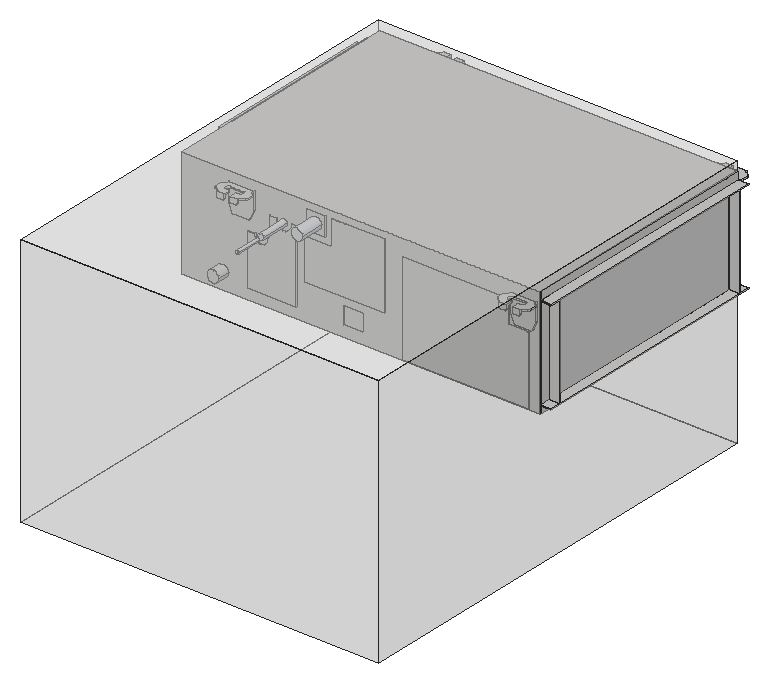
Revit family "outputfile", category 機械設備, Revit 2024
Family settings
  丸型コネクタ寸法 = 半径を使用
  パーツ タイプ = 標準
  OmniClass 番号 = 23.75.10.24.21.27.27
  OmniClass タイトル = Split System Air Conditioning Units
  作業面ベース = いいえ
  常に垂直 = はい
  ロード時にボイドで切り取り = いいえ
  注釈の向きを維持 = いいえ
  共有 = いいえ
  部屋計算ポイント = はい
Parameters (values of type "FXSQ32PAV4")
  Description = ""
  製造元 = "Daikin"
  書き出し IFC クラス(タイプ) = "IfcUnitaryEquipmentType"
  定義済み IFC タイプ(タイプ) = "AIRCONDITIONINGUNIT"
  Cost = 0
  モデル = "FXSQ32PAV4"
  Type Comments = ""
  Keynote = ""
  Type Image = (empty or 0)
  Assembly Code = ""
  r_Liquid Pipe Size = Liquid Pipe Size / 2  # 3.2 mm
  r_Gas Pipe Size = Gas Pipe Size / 2  # 6.35 mm
  r_Drain Pipe Size = Drain Pipe Size / 2  # 12.5 mm
  lw_power = 770.0 mm  # constant formula
  lh_SA = 138.0 mm  # constant formula
  lw_SA = if(Depth = 550.0 mm, 225.0 mm, if(Depth = 700.0 mm, 300.0 mm, if(Depth = 1000.0 mm, 450.0 mm, if(Depth = 1400.0 mm, 650.0 mm, 725.0 mm))))  # 225.0 mm
  lw_RA = if(Depth = 550.0 mm, 275.0 mm, if(Depth = 700.0 mm, 349.0 mm, if(Depth = 1000.0 mm, 499.0 mm, if(Depth = 1400.0 mm, 699.0 mm, 775.0 mm))))  # 275.0 mm
  lh_power = 60.0 mm + [h***]  # 60.0 mm
  lh_mountinghole1 = lh_mountinghole + [h***]  # 222.0 mm
  lh_RA = 123.0 mm  # constant formula
  ld_power = Depth / 2  # 275.0 mm
  Voltage_comment_60Hz = "220"
  Voltage_comment_50Hz = "220-240"
  Voltage_60Hz = 220 V
  Voltage_50Hz = 220 V
  URL = ""
  Supply Air Direction [instance] = yes
  Sound Power Level_H speed (dB) = 62
  Phase_60Hz = 1
  Phase_50Hz = 1
  Minimum External Static Pressure = 30.00 Pa
  Minimum Circuit Amps_60Hz = 0.8 A
  Minimum Circuit Amps_50Hz = 0.8 A
  Maximum Fuse Amps_60Hz = 16.0 A
  Maximum Fuse Amps_50Hz = 16.0 A
  Maximum External Static Pressure = 150.00 Pa
  Material_Casing = DAIKIN_GalvanizedSteel_Casing_indoorunit
  lw_mountinghole = 630.0 mm  # constant formula
  lh_gaspipe = 183.0 mm + [h***]  # 183.0 mm
  lh_mountinghole = 222.0 mm  # constant formula
  lh_liquidpipe = 136.0 mm + [h***]  # 136.0 mm
  lh_drainpipe = 207.0 mm + [h***]  # 207.0 mm
  lh_antena = Height - lh_mountinghole + 1.0 mm  # 24.0 mm
  ld_drainpipe = Depth / 2 + 53.0 mm  # 328.0 mm
  ld_liquidpipe = Depth / 2 + 69.0 mm  # 344.0 mm
  ld_gaspipe = Depth / 2 + 65.0 mm  # 340.0 mm
  ld_mountinghole = Depth + 38.0 mm  # 588.0 mm
  h*** = 0.0 mm  # constant formula
  lw_liquidpipe = 179.0 mm  # constant formula
  lw_gaspipe = 229.0 mm  # constant formula
  lw_drainpipe = 300.0 mm  # constant formula
  Width = 800.0 mm
  Version = "ver.1.0"
  Unit Type = "Middle Static Pressure Duct Type"
  Unit Mass Weight = 25.00 kg
  Unit Designation [instance] = ""
  Uniclass2015Version = "Products v1.30"
  Uniclass2015Title = "Variable refrigerant flow units"
  Uniclass2015Code = "Pr_70_65_03_94"
  Total Heating Capacity [instance] = 0.000 kW
  Total Cooling Capacity [instance] = 0.000 kW
  Sound Pressure Level_M speed (dBA) = 0
  Sound Pressure Level_L speed (dBA) = 30
  Sound Pressure Level_H speed (dBA) = 34
  Series = "VRV Fan Coil Unit"
  Sensible Cooling Capacity [instance] = 0.000 kW
  SA Duct Size Width = if(Depth = 550.0 mm, 337.0 mm, if(Depth = 700.0 mm, 492.0 mm, if(Depth = 1000.0 mm, 792.0 mm, if(Depth = 1400.0 mm, 1192.0 mm, 1337.0 mm))))  # 337.0 mm
  SA Duct Size Height = 176.0 mm
  Refrigerant Type = "R410A"
  RA Duct Size Width = if(Depth = 550.0 mm, 502.0 mm, if(Depth = 700.0 mm, 654.0 mm, if(Depth = 1000.0 mm, 952.0 mm, if(Depth = 1400.0 mm, 1352.0 mm, 1502.0 mm))))  # 502.0 mm
  RA Duct Size Height = 208.0 mm
  Power Input (Heating) = 0.106 kW
  Power Input (Cooling) = 0.111 kW
  Option Accessory 3 [instance] = ""
  Option Accessory 2 [instance] = ""
  Option Accessory 1 [instance] = ""
  Nominal Heating Capacity = 4.000 kW
  Nominal Cooling Capacity = 3.600 kW
  Minimum Airflow = 420.00 m³/h
  Median Airflow = 480.00 m³/h
  Maximum Airflow = 570.00 m³/h
  Load Classification = HVAC
  Liquid Pipe Size = 6.4 mm
  Link_Nested Family [instance] = ""
  IfcVersion = "0"
  IfcExportType = "AIRCONDITIONINGUNIT"
  IfcExportAs = "IfcUnitaryEquipmentType"
  Height = 245.0 mm
  Heating Entering Wet Bulb Temperature [instance] = 0.00 °C
  Heating Entering Dry Bulb Temperature [instance] = 0.00 °C
  Heating Ambient Wet Bulb Temperature [instance] = 0.00 °C
  Heating Ambient Dry Bulb Temperature [instance] = 0.00 °C
  Heat Exchanger Type = "Cross Fin Coil"
  Gas Pipe Size = 12.7 mm
  Frequency_60Hz = 60 Hz
  Frequency_50Hz = 50 Hz
  Fan Type = "Sirocco Fan"
  Fan Drive = "Direct Drive"
  FCU Tag No. [instance] = ""
  Drain Pipe Size = 25.0 mm
  Design Supply Airflow [instance] = 0.00 m³/h
  Design Return Airflow [instance] = 0.00 m³/h
  Design External Static Pressure [instance] = 0.00 Pa
  Depth = 550.0 mm
  既定の高さ = 0.0 mm
  Cooling Entering Wet Bulb Temperature [instance] = 0.00 °C
  Cooling Entering Dry Bulb Temperature [instance] = 0.00 °C
  Cooling Ambient Wet Bulb Temperature [instance] = 0.00 °C
  Cooling Ambient Dry Bulb Temperature [instance] = 0.00 °C
  Clearance visibility [instance] = yes
  Clearance Top = 20.0 mm
  Clearance Right = 0.0 mm
  Clearance Rear = 0.0 mm
  Clearance Left = 0.0 mm
  Clearance Front = 450.0 mm
  Clearance Bottom = 300.0 mm
Reference planes
  plane 1 "Center (Front/Back)": y = 0
  plane 2 "h": z = 0
  plane 3 "Center (Left/Right)": x = 0
  plane 4 "Back": y = 275
  plane 5 "Front": y = -275
  plane 6 "Left": x = -400
  plane 7 "Reight": x = 400
  plane 8 "Top": z = 0
  plane 9 "Bottom": z = -245
  plane 10: y = -215
  plane 11: y = 275
  plane 12: y = -725
  plane 13: x = -400
  plane 14: x = 400
  plane 15: z = 20
  plane 16: z = -545
  plane 17: x = -400
  plane 18: x = -399
  plane 19: x = 399
  plane 20: y = 50
  plane 21: y = 0
  plane 22: z = -122
  plane 23: y = -276
  plane 24: z = -109
  plane 25: x = -221
  plane 26: y = -340
  plane 27: z = -62
  plane 28: x = -171
  plane 29: y = -328
  plane 30: z = -38
  plane 31: x = -100
  plane 32: x = -100
  plane 33: x = -221
  plane 34: x = -171
  plane 35: x = 370
  plane 36: x = -266
  plane 37: x = 364
  plane 38: y = -294
  plane 39: y = 294
  plane 40: z = -23
  plane 41: z = -107
  plane 42: y = -344
  plane 43: z = -207
  plane 44: x = -309
  plane 45: y = -301
  plane 46: x = -251
  plane 47: x = -203
  plane 48: x = -144
  plane 49: z = -59
  plane 50: z = -106
  plane 51: z = -221
  plane 52: z = -109
  plane 53: x = -221
  plane 54: z = -62
  plane 55: x = -171
  plane 56: z = -17
  plane 57: z = -59
  plane 58: x = -121
  plane 59: x = -79
  plane 60: x = -125
  plane 61: x = -64
  plane 62: x = 53
  plane 63: z = -164
  plane 64: z = -73
  plane 65: z = -16
  plane 66: x = 93.5
  plane 67: x = 374.5
  plane 68: x = 330
  plane 69: z = -88.5
  plane 70: z = -38
  plane 71: z = -242.5
  plane 72: x = -38.5
  plane 73: x = 6.5
  plane 74: z = -181
  plane 75: z = -221
  plane 76: y = -274
  plane 77: x = -424
  plane 78: x = 424
Forms (mm)
  Extrusion 1, solid, material "DAIKIN_GalvanizedSteel_Casing_indoorunit" <- "Material_Casing"
    sketch origin (0, 0, 0) x (1, 0, 0) y (0, 1, 0)
      loop
        line (-399, 275) -> (-399, -275) -> (399, -275) -> (399, 275) -> (-399, 275)
    from -245 to 0
  Extrusion 2, solid, material "DAIKIN_GalvanizedSteel_Casing_indoorunit" <- "Material_Casing"
    sketch origin (0, 0, 0) x (1, 0, 0) y (0, 0, 1)
      loop
        line (-251, -221) -> (-144, -221) -> (-144, -59) -> (-154.47, -59)
        arc (-154.47, -59) -> (-171, -78.8) -> (-187.53, -59) r 16.8
        line (-187.53, -59) -> (-203, -59) -> (-203, -106) -> (-206.916, -106)
        arc (-206.916, -106) -> (-221, -123.4) -> (-235.084, -106) r 14.4
        line (-235.084, -106) -> (-251, -106) -> (-251, -221)
    from 275 to 276
  Extrusion 3, solid, material "DAIKIN_GalvanizedSteel_Casing_indoorunit" <- "Material_Casing"
    sketch origin (0, 0, 0) x (1, 0, 0) y (0, 0, 1)
      loop
        line (-121, -17) -> (-121, -59) -> (-79, -59) -> (-79, -17) -> (-121, -17)
      loop
        line (-125, -73) -> (-125, -164) -> (53, -164) -> (53, -16) -> (-64, -16) -> (-64, -73) -> (-125, -73)
    from 275 to 276
  Extrusion 4, solid, material "DAIKIN_GalvanizedSteel_Casing_indoorunit" <- "Material_Casing"
    sketch origin (0, 0, 0) x (1, 0, 0) y (0, 0, 1)
      loop
        line (93.5, -38) -> (93.5, -242.5) -> (374.5, -242.5) -> (374.5, -88.5) -> (330, -88.5) -> (330, -38) -> (93.5, -38)
    from 275 to 276
  Extrusion 5, solid
    sketch origin (0, 0, 0) x (1, 0, 0) y (0, 0, 1)
      loop
        circle (-221, -109) r 3.2
    from 275 to 344
  Extrusion 6, solid
    sketch origin (0, 0, 0) x (1, 0, 0) y (0, 0, 1)
      loop
        circle (-171, -62) r 6.35
    from 275 to 340
  Extrusion 7, solid
    sketch origin (0, 0, 0) x (1, 0, 0) y (0, 0, 1)
      loop
        circle (-100, -38) r 12.5
    from 276 to 328
  Extrusion 8, solid, material "DAIKIN_GalvanizedSteel_Casing_indoorunit" <- "Material_Casing"
    sketch origin (0, 0, 0) x (1, 0, 0) y (0, 0, 1)
      loop
        circle (-309, -207) r 13
    from 275 to 301
  Extrusion 9, void
    sketch origin (0, 0, 0) x (1, 0, 0) y (0, 0, 1)
      loop
        line (-38.5, -181) -> (-38.5, -221) -> (6.5, -221) -> (6.5, -181) -> (-38.5, -181)
    from 274 to 275
Cuts and joins
  Extrusion 9 cuts Extrusion 1
Dimensions and locks
  "Height": plane 8 "Top" to plane 9 "Bottom"
  equal spacing: plane 4 "Back", plane 1 "Center (Front/Back)", plane 5 "Front"
  "Depth": plane 4 "Back" to plane 5 "Front"
  equal spacing: plane 6 "Left", plane 3 "Center (Left/Right)", plane 7 "Reight"
  "Width": plane 6 "Left" to plane 7 "Reight"
  "Clearance Left": plane 13 to plane 6 "Left"
  "Clearance Right": plane 7 "Reight" to plane 14
  "Clearance Rear": plane 11 to plane 4 "Back"
  "Clearance Front": plane 5 "Front" to plane 12
  "Clearance Top": plane 15 to plane 8 "Top"
  "Clearance Bottom": plane 9 "Bottom" to plane 16
  locked: plane 17 to plane 18 at 1
  locked: plane 19 to plane 14 at 1
  "lw_SA": plane 11 to plane 20
  "lw_RA": plane 21 to plane 5 "Front"
  "lh_RA": plane 22 to plane 9 "Bottom"
  locked: plane 5 "Front" to plane 23 at 1
  "lw_liquidpipe": plane 25 to plane 6 "Left"
  "lh_liquidpipe": plane 24 to plane 9 "Bottom"
  "lh_gaspipe": plane 27 to plane 9 "Bottom"
  "lw_gaspipe": plane 28 to plane 6 "Left"
  "ld_gaspipe": plane 26 to plane 1 "Center (Front/Back)"
  "ld_drainpipe": plane 29 to plane 1 "Center (Front/Back)"
  "lh_drainpipe": plane 30 to plane 9 "Bottom"
  "lw_drainpipe": plane 31 to plane 6 "Left"
  "lw_drainpipe": plane 6 "Left" to plane 32
  "lw_liquidpipe": plane 6 "Left" to plane 33
  "lw_gaspipe": plane 6 "Left" to plane 34
  "lw_power": plane 6 "Left" to plane 35
  locked: plane 17 to plane 36 at 134
  "lw_mountinghole": plane 36 to plane 37
  equal spacing: plane 38, plane 1 "Center (Front/Back)", plane 39
  "ld_mountinghole": plane 39 to plane 38
  "lh_mountinghole": plane 40 to plane 9 "Bottom"
  "lh_SA": plane 41 to plane 9 "Bottom"
  "ld_liquidpipe": plane 21 to plane 42
  locked: plane 44 to plane 6 "Left" at 91
  locked: plane 43 to plane 9 "Bottom" at 38
  locked: plane 5 "Front" to plane 45 at 26
  plane 48 to plane 47 to plane 46 to plane 6 "Left" = 59.0 mm, 48.0 mm, 149.0 mm
  plane 8 "Top" to plane 49 to plane 50 to plane 51 = 59.0 mm locked, 47.0 mm locked, 115.0 mm locked
  plane 55 to plane 53 to plane 6 "Left" = 50.0 mm locked, 179.0 mm locked
  plane 54 to plane 52 to plane 9 "Bottom" = 47.0 mm locked, 136.0 mm locked
  plane 59 to plane 58 to plane 6 "Left" = 42.0 mm locked, 279.0 mm locked
  plane 8 "Top" to plane 56 to plane 57 = 17.0 mm locked, 42.0 mm locked
  plane 62 to plane 61 to plane 60 to plane 6 "Left" = 117.0 mm, 61.0 mm, 275.0 mm
  plane 8 "Top" to plane 65 to plane 64 = 16.0 mm locked, 57.0 mm locked
  locked: plane 65 to plane 63 at 148
  plane 8 "Top" to plane 70 to plane 69 to plane 71 = 38.0 mm locked, 50.5 mm locked, 154.0 mm locked
  plane 67 to plane 68 to plane 66 to plane 6 "Left" = 44.5 mm locked, 236.5 mm locked, 493.5 mm locked
  plane 8 "Top" to plane 74 to plane 75 = 181.0 mm locked, 40.0 mm locked
  plane 73 to plane 72 to plane 6 "Left" = 45.0 mm, 361.5 mm
  locked: plane 76 to plane 5 "Front" at 1
  locked: plane 77 to plane 17 at 24
  locked: plane 14 to plane 78 at 24
  locked: Extrusion 4 sketch curve to plane 9 "Bottom" at 2.5
  "r_Liquid Pipe Size": radius of Extrusion 5 sketch curve
  "r_Gas Pipe Size": radius of Extrusion 6 sketch curve
  "r_Drain Pipe Size": radius of Extrusion 7 sketch curve
  aligned and locked: level to plane 2 "h"
  aligned and locked: plane 8 "Top" to Extrusion 1
  aligned and locked: Extrusion 1 to plane 9 "Bottom"
  aligned and locked: nested 5 to plane 12
  aligned and locked: plane 13 to nested 5
  aligned and locked: plane 14 to nested 5
  aligned and locked: nested 5 to plane 13
  aligned and locked: plane 11 to nested 5
  aligned and locked: plane 15 to nested 5
  aligned and locked: plane 16 to nested 5
  aligned and locked: plane 5 "Front" to Extrusion 1 sketch curve
  aligned and locked: Extrusion 1 to plane 18
  aligned and locked: plane 19 to Extrusion 1
  aligned and locked: nested 7 to plane 18
  aligned and locked: nested 7 to plane 20
  aligned and locked: plane 19 to nested 8
  aligned and locked: plane 21 to nested 8
  aligned and locked: plane 22 to nested 8
  aligned and locked: Extrusion 2 to plane 23
  aligned and locked: plane 5 "Front" to Extrusion 2
  aligned and locked: Extrusion 3 to plane 23
  aligned and locked: plane 5 "Front" to Extrusion 3
  aligned and locked: plane 5 "Front" to Extrusion 4
  aligned and locked: Extrusion 5 sketch curve to plane 25
  aligned and locked: plane 24 to Extrusion 5 sketch curve
  aligned and locked: plane 5 "Front" to Extrusion 5
  aligned and locked: Extrusion 6 sketch curve to plane 28
  aligned and locked: plane 27 to Extrusion 6 sketch curve
  aligned and locked: plane 5 "Front" to Extrusion 6
  aligned and locked: Extrusion 7 sketch curve to plane 31
  aligned and locked: Extrusion 7 sketch curve to plane 30
  aligned and locked: Extrusion 7 to plane 29
  aligned and locked: plane 23 to Extrusion 7
  aligned and locked: nested 3 to plane 29
  aligned and locked: plane 32 to nested 3
  aligned and locked: nested 2 to plane 33
  aligned and locked: nested 1 to plane 34
  aligned and locked: Extrusion 6 to plane 26
  aligned and locked: nested 1 to plane 26
  aligned and locked: nested 6 to plane 5 "Front"
  aligned and locked: plane 35 to nested 6
  aligned and locked: plane 36 to nested 10
  aligned and locked: nested 10 to plane 5 "Front"
  aligned and locked: plane 37 to nested 9
  aligned and locked: nested 9 to plane 5 "Front"
  aligned and locked: nested 11 to plane 36
  aligned and locked: plane 4 "Back" to nested 11
  aligned and locked: nested 12 to plane 37
  aligned and locked: plane 4 "Back" to nested 12
  aligned and locked: plane 40 to nested 10
  aligned and locked: plane 40 to nested 11
  aligned and locked: plane 40 to nested 9
  aligned and locked: plane 40 to nested 12
  aligned and locked: plane 36 to nested 14
  aligned and locked: nested 14 to plane 39
  aligned and locked: plane 37 to nested 13
  aligned and locked: nested 13 to plane 39
  aligned and locked: plane 37 to nested 16
  aligned and locked: plane 38 to nested 16
  aligned and locked: plane 38 to nested 15
  aligned and locked: plane 36 to nested 15
  aligned and locked: plane 17 to plane 6 "Left"
  aligned and locked: plane 41 to nested 7
  aligned and locked: Extrusion 5 to plane 42
  aligned and locked: nested 2 to plane 42
  aligned and locked: Extrusion 8 sketch curve to plane 44
  aligned and locked: plane 43 to Extrusion 8 sketch curve
  aligned and locked: plane 5 "Front" to Extrusion 8
  aligned and locked: plane 45 to Extrusion 8
  aligned and locked: Extrusion 3 sketch curve to plane 56
  aligned and locked: Extrusion 3 sketch curve to plane 58
  aligned and locked: plane 57 to Extrusion 3 sketch curve
  aligned and locked: plane 59 to Extrusion 3 sketch curve
  aligned and locked: Extrusion 4 to plane 23
  aligned and locked: Extrusion 9 sketch curve to plane 74
  aligned and locked: plane 75 to Extrusion 9 sketch curve
  aligned and locked: plane 73 to Extrusion 9 sketch curve
  aligned and locked: plane 5 "Front" to Extrusion 9
  aligned and locked: plane 76 to Extrusion 9
  aligned and locked: nested 17 to plane 20
  aligned and locked: nested 17 to plane 77
  aligned and locked: plane 21 to nested 18
  aligned and locked: plane 78 to nested 18
  aligned and locked: plane 41 to nested 17
  aligned and locked: nested 18 to plane 22
  aligned and locked: nested 4 to plane 3 "Center (Left/Right)"
  aligned and locked: plane 1 "Center (Front/Back)" to nested 4
  aligned and locked: level to plane 8 "Top"
Automatic sketch dimensions
  plane 6 "Left" to Extrusion 1 sketch curve = 1.0 mm
  Extrusion 1 sketch curve to plane 7 "Reight" = 1.0 mm
  Extrusion 1 sketch curve to plane 4 "Back" = 0.0 mm
  Extrusion 2 sketch curve to plane 46 = 0.0 mm
  Extrusion 2 sketch curve to plane 33 = 0.0 mm
  Extrusion 2 sketch curve to plane 47 = 0.0 mm
  Extrusion 2 sketch curve to plane 34 = 0.0 mm
  Extrusion 2 sketch curve to plane 48 = 0.0 mm
  Extrusion 2 sketch curve to plane 52 = 0.0 mm
  Extrusion 2 sketch curve to plane 50 = 0.0 mm  (x3)
  Extrusion 2 sketch curve to plane 54 = 0.0 mm
  Extrusion 2 sketch curve to plane 49 = 0.0 mm  (x3)
  plane 33 to Extrusion 2 sketch curve = 14.084 mm
  plane 34 to Extrusion 2 sketch curve = 16.53 mm
  Extrusion 3 sketch curve to plane 60 = 0.0 mm
  Extrusion 3 sketch curve to plane 61 = 0.0 mm
  Extrusion 3 sketch curve to plane 62 = 0.0 mm
  Extrusion 3 sketch curve to plane 64 = 0.0 mm
  Extrusion 3 sketch curve to plane 65 = 0.0 mm
  Extrusion 4 sketch curve to plane 66 = 0.0 mm
  Extrusion 4 sketch curve to plane 68 = 0.0 mm
  Extrusion 4 sketch curve to plane 67 = 0.0 mm
  Extrusion 4 sketch curve to plane 69 = 0.0 mm
  Extrusion 4 sketch curve to plane 70 = 0.0 mm
  Extrusion 9 sketch curve to plane 72 = 0.0 mm
  Extrusion 2 sketch curve to plane 51 = 0.0 mm
  Extrusion 3 sketch curve to plane 63 = 0.0 mm
  radius of Extrusion 8 sketch curve = 13.0 mm
Nested families
  nested 1: "daikin_connector_rotate2" at (-171, 0, -62), length <- "ld_gaspipe", built-in parameter 1001364 <- "lh_gaspipe", radius <- "r_Gas Pipe Size", type "daikin_connector_rotate2"
    with radius 6.35 mm, length 340.0 mm, angle_vertical 90.00°
  nested 2: "daikin_connector_rotate2" at (-221, 0, -109), length <- "ld_liquidpipe", built-in parameter 1001364 <- "lh_liquidpipe", radius <- "r_Liquid Pipe Size", type "daikin_connector_rotate2"
    with radius 3.2 mm, length 344.0 mm, angle_vertical 90.00°
  nested 3: "daikin_connector_rotate2" at (-100, 0, -38), length <- "ld_drainpipe", built-in parameter 1001364 <- "lh_drainpipe", radius <- "r_Drain Pipe Size", type "daikin_connector_rotate2"
    with radius 12.5 mm, length 328.0 mm, angle_vertical 90.00°
  nested 4: "daikin_△_symbolicline" at (0, 0, 245) x (0, -1, 0) z (0, 0, 1), built-in parameter 1001364 <- "Height", visible <- "Supply Air Direction", type "daikin_△_symbolicline"
    with length 200.0 mm
  nested 5: "daikin_clearancespace" at (0, -225, -262.381), visible <- "Clearance visibility", show <- "Clearance visibility", Link_Nested Family <- "Link_Nested Family", type "daikin_clearancespace"
    with width 800.0 mm, show yes, height 565.0 mm, depth 1000.0 mm, Link_Nested Family ""
  nested 6: "daikin_connector_rotate2" at (370, 0, -185), built-in parameter 1001364 <- "lh_power", length <- "ld_power", type "daikin_connector_rotate2"
    with radius 10.0 mm, length 275.0 mm, angle_vertical 90.00°
  nested 7: "daikin_ductflange_FXSQ-PAV4_2" at (-399, 50, -107) x (0, -1, 0) z (0, 0, 1), type "daikin_ductflange_FXSQ-PAV4_2"
  nested 8: "daikin_ductflange_FXSQ-PAV4_1" at (399, 0, -122) x (0, 1, 0) z (0, 0, 1), type "daikin_ductflange_FXSQ-PAV4_1"
  nested 9: "daikin_hangerfixture_FXSQ-PAV4" at (364, -275, -23), type "daikin_hangerfixture_FXSQ-PAV4"
  nested 10: "daikin_hangerfixture_FXSQ-PAV4" at (-266, -275, -23), type "daikin_hangerfixture_FXSQ-PAV4"
  nested 11: "daikin_hangerfixture_FXSQ-PAV4" at (-266, 275, -23) x (-1, 0, 0) z (0, 0, 1), type "daikin_hangerfixture_FXSQ-PAV4"
  nested 12: "daikin_hangerfixture_FXSQ-PAV4" at (364, 275, -23) x (-1, 0, 0) z (0, 0, 1), type "daikin_hangerfixture_FXSQ-PAV4"
  nested 13: "daikin_mountinghole" at (364, 294, -245), h_mountinghole <- "lh_mountinghole1", l_antenna <- "lh_antena", Link_Nested Family <- "Link_Nested Family", type "daikin_mountinghole"
    with show yes, l_antenna 24.0 mm, h_mountinghole 222.0 mm, Link_Nested Family ""
  nested 14: "daikin_mountinghole" at (-266, 294, -245), h_mountinghole <- "lh_mountinghole1", l_antenna <- "lh_antena", Link_Nested Family <- "Link_Nested Family", type "daikin_mountinghole"
    with show yes, l_antenna 24.0 mm, h_mountinghole 222.0 mm, Link_Nested Family ""
  nested 15: "daikin_mountinghole" at (-266, -294, -245), h_mountinghole <- "lh_mountinghole1", l_antenna <- "lh_antena", Link_Nested Family <- "Link_Nested Family", type "daikin_mountinghole"
    with show yes, l_antenna 24.0 mm, h_mountinghole 222.0 mm, Link_Nested Family ""
  nested 16: "daikin_mountinghole" at (364, -294, -245), h_mountinghole <- "lh_mountinghole1", l_antenna <- "lh_antena", Link_Nested Family <- "Link_Nested Family", type "daikin_mountinghole"
    with show yes, l_antenna 24.0 mm, h_mountinghole 222.0 mm, Link_Nested Family ""
  nested 17: "daikin_connector_rotate2" at (-400, 50, -107) x (0, -1, 0) z (0, 0, 1), type "daikin_connector_rotate2"
    with radius 10.0 mm, length 24.0 mm, angle_vertical 90.00°
  nested 18: "daikin_connector_rotate2" at (400, 0, -122) x (0, 1, 0) z (0, 0, 1), type "daikin_connector_rotate2"
    with radius 10.0 mm, length 24.0 mm, angle_vertical 90.00°
Connectors
  piping at (-100, -328, -38), diameter 25, driven by "r_Drain Pipe Size"
    settings: on nested 3, index 3, connector inside diameter 609.6 mm, connector length 0.0 mm, flow factor 0, pipe flow 0.00 m³/h, pressure drop 0.0 Pa, fitting loss kfactor 0, connector angle 0.00°, fixture units 0, engagement length 0.0 mm, angle of deflection 0.00°, flow configuration 1, flow direction 2, fitting loss method 4, system type 16, joint type 0, gender type 0, connector reference index -1, connector utility 0, adjustable connector no, is connector primary yes, connector description "Condensate Drain Piping"
  piping at (-171, -340, -62), diameter 12.7, driven by "r_Gas Pipe Size"
    settings: on nested 1, index 4, connector inside diameter 609.6 mm, connector length 0.0 mm, flow factor 0, pipe flow 0.00 m³/h, pressure drop 0.0 Pa, fitting loss kfactor 0, connector angle 0.00°, fixture units 0, engagement length 0.0 mm, angle of deflection 0.00°, flow configuration 1, flow direction 2, fitting loss method 0, system type 29, joint type 0, gender type 0, connector reference index -1, connector utility 0, adjustable connector no, is connector primary no, connector description "Refrigerant Gas Piping"
  piping at (-221, -344, -109), diameter 6.4, driven by "r_Liquid Pipe Size"
    settings: on nested 2, index 5, connector inside diameter 609.6 mm, connector length 0.0 mm, flow factor 0, pipe flow 0.00 m³/h, pressure drop 0.0 Pa, fitting loss kfactor 0, connector angle 0.00°, fixture units 0, engagement length 0.0 mm, angle of deflection 0.00°, flow configuration 1, flow direction 1, fitting loss method 0, system type 29, joint type 0, gender type 0, connector reference index -1, connector utility 0, adjustable connector no, is connector primary no, connector description "Refrigerant Liquid Piping"
  electrical at (370, -275, -185), driven by "Load Classification"
    settings: on nested 6, index 6, voltage 0 V, apparent load 0 VA, apparent load phase1 0 VA, apparent load phase2 0 VA, apparent load phase3 0 VA, power factor 1, load classification "HVAC", number of poles 1, system type 30, power factor state 1, is connector primary yes, connector utility no, sub classification motor no, connector description "Power Supply"
  hvac at (-424, 50, -107), driven by "SA Duct Size Height", driven by "SA Duct Size Width"
    settings: on nested 17, index 7, duct flow 0.00 m³/h, flow factor 0, pres drop 0.00 Pa, loss coef 0, conn angle 0.00°, conn width 337.0 mm, conn height 176.0 mm, conn diameter 609.6 mm, duct sys type 1, conn prof type 1, flow config 0, flow direction 2, loss method 4, conn ref index -1, conn util no, is conn primary yes, conn desc "SA Duct"
  hvac at (424, 0, -122), driven by "RA Duct Size Height", driven by "RA Duct Size Width"
    settings: on nested 18, index 8, duct flow 0.00 m³/h, flow factor 0, pres drop 0.00 Pa, loss coef 0, conn angle 0.00°, conn width 502.0 mm, conn height 208.0 mm, conn diameter 609.6 mm, duct sys type 2, conn prof type 1, flow config 0, flow direction 1, loss method 4, conn ref index -1, conn util no, is conn primary no, conn desc "RA Duct"
Definition of nested family "daikin_clearancespace"
  Parameters (values of type "daikin_clearancespace")
    width [instance] = 1823.963 mm
    show [instance] = yes
    material = none
    height [instance] = 1359.762 mm
    depth [instance] = 880.0 mm
    Default Elevation = 0.0 mm
    Link_Nested Family [instance] = ""
  Reference planes
    plane 1 "Center (Front/Back)": y = 0
    plane 2 "Center (Elevation)": z = -0.119
    plane 3 "Center (Left/Right)": x = 0
    plane 4: y = 440
    plane 5: y = -440
    plane 6 "Right": x = 911.982
    plane 7 "Left": x = -911.982
    plane 8 "Top": z = 679.762
    plane 9 "Bottom": z = -680
  Forms (mm)
    Extrusion 1, solid, material <- "material", visible <- "show"
      sketch origin (0, 0, 0) x (1, 0, 0) y (0, 1, 0)
        loop
          line (-911.982, 440) -> (-911.982, -440) -> (911.982, -440) -> (911.982, 440) -> (-911.982, 440)
      from -680 to 679.762
  Lines and regions (mm)
    symbolic lines, visible <- "show"
      curve 1: line (911.982, 440, 0) -> (-911.982, 440, 0)
      curve 2: line (-911.982, 440, 0) -> (-911.982, -440, 0)
      curve 3: line (-911.982, -440, 0) -> (911.982, -440, 0)
      curve 4: line (911.982, -440, 0) -> (911.982, 440, 0)
      curve 5: line (911.982, 0, 679.762) -> (-911.982, 0, 679.762)
      curve 6: line (911.982, 0, -680) -> (911.982, 0, 679.762)
      curve 7: line (-911.982, 0, -680) -> (911.982, 0, -680)
      curve 8: line (-911.982, 0, 679.762) -> (-911.982, 0, -680)
      curve 9: line (0, 440, 679.762) -> (0, -440, 679.762)
      curve 10: line (0, -440, 679.762) -> (0, -440, -680)
      curve 11: line (0, 440, -680) -> (0, 440, 679.762)
      curve 12: line (0, -440, -680) -> (0, 440, -680)
  Dimensions and locks
    "width": plane 7 "Left" to plane 6 "Right"
    "depth": plane 4 to plane 5
    "height": plane 8 "Top" to plane 9 "Bottom"
    equal spacing: plane 7 "Left", plane 3 "Center (Left/Right)", plane 6 "Right"
    equal spacing: plane 4, plane 1 "Center (Front/Back)", plane 5
    equal spacing: plane 8 "Top", plane 2 "Center (Elevation)", plane 9 "Bottom"
    aligned and locked: level to plane 2 "Center (Elevation)"
    aligned and locked: Extrusion 1 sketch curve to plane 4
    aligned and locked: plane 7 "Left" to Extrusion 1 sketch curve
    aligned and locked: Extrusion 1 sketch curve to plane 5
    aligned and locked: Extrusion 1 sketch curve to plane 6 "Right"
    aligned and locked: plane 8 "Top" to Extrusion 1
    aligned and locked: curve 1 to Extrusion 1
    aligned and locked: curve 2 to Extrusion 1
    aligned and locked: curve 3 to Extrusion 1
    aligned and locked: curve 4 to Extrusion 1
    aligned and locked: curve 5 to Extrusion 1
    aligned and locked: curve 6 to Extrusion 1
    aligned and locked: curve 7 to Extrusion 1
    aligned and locked: curve 8 to Extrusion 1
    aligned and locked: curve 9 to Extrusion 1
    aligned and locked: curve 10 to Extrusion 1
    aligned and locked: curve 11 to Extrusion 1
    aligned and locked: curve 12 to Extrusion 1
    aligned and locked: Extrusion 1 to plane 9 "Bottom"
Definition of nested family "daikin_ductflange_FXSQ-PAV4_2"
  Parameters (values of type "daikin_ductflange_FXMQ-PAVE2")
    width = if(w = 550.0 mm, 337.0 mm, if(w = 700.0 mm, 492.0 mm, if(w = 1000.0 mm, 792.0 mm, if(w = 1400.0 mm, 1192.0 mm, 1337.0 mm))))  # 337.0 mm
    material = none
    height = 215.0 mm
    depth = 1.0 mm
    w = 550.0 mm
    Default Elevation = 0.0 mm
  Reference planes
    plane 1 "Center (Front/Back)": y = 0
    plane 2: z = 0
    plane 3 "Center (Left/Right)": x = 0
    plane 4: z = 88
    plane 5: z = -88
    plane 6: y = -25
    plane 7: z = 106
    plane 8: z = 89
    plane 9: y = -1
    plane 10: x = -192.5
    plane 11: x = 192.5
    plane 12: z = -106
    plane 13: z = -89
    plane 14: y = -1
    plane 15: x = 168.5
    plane 16: x = -168.5
    plane 17: x = 169.5
    plane 18: z = 87
    plane 19: z = -87
    plane 20: x = -169.5
    plane 21: z = 87
    plane 22: z = -87
    plane 23: y = -1
  Forms (mm)
    Extrusion 1, solid, material <- "material"
      sketch origin (0, 0, 0) x (0, 1, 0) y (0, 0, 1)
        loop
          line (-25, 88) -> (0, 88) -> (0, 106) -> (-1, 106) -> (-1, 89) -> (-25, 89) -> (-25, 88)
      from -192.5 to 192.5
    Extrusion 2, solid, material <- "material"
      sketch origin (0, 0, 0) x (0, 1, 0) y (0, 0, 1)
        loop
          line (-25, -88) -> (-25, -89) -> (-1, -89) -> (-1, -106) -> (0, -106) -> (0, -88) -> (-25, -88)
      from -192.5 to 192.5
    Extrusion 3, solid, material <- "material"
      sketch origin (0, 0, 0) x (1, 0, 0) y (0, 0, 1)
        loop
          line (168.5, 88) -> (168.5, -88) -> (192.5, -88) -> (192.5, -87) -> (169.5, -87) -> (169.5, 87) -> (192.5, 87) -> (192.5, 88) -> (168.5, 88)
      from 0 to 25
    Extrusion 4, solid, material <- "material"
      sketch origin (0, 0, 0) x (1, 0, 0) y (0, 0, 1)
        loop
          line (-192.5, 88) -> (-192.5, 87) -> (-169.5, 87) -> (-169.5, -87) -> (-192.5, -87) -> (-192.5, -88) -> (-168.5, -88) -> (-168.5, 88) -> (-192.5, 88)
      from 0 to 25
    Extrusion 5, solid, material <- "material"
      sketch origin (0, 0, 0) x (1, 0, 0) y (0, 0, 1)
        loop
          line (-192.5, 88) -> (-192.5, -88) -> (-168.5, -88) -> (-168.5, 88) -> (-192.5, 88)
        loop
          line (192.5, 88) -> (168.5, 88) -> (168.5, -88) -> (192.5, -88) -> (192.5, 88)
      from 0 to 1
  Cuts and joins
    joined: Extrusion 1, Extrusion 2, Extrusion 3, Extrusion 4, Extrusion 5
  Dimensions and locks
    plane 4 to level to plane 5 = 88.0 mm, 88.0 mm
    locked: plane 6 to plane 1 "Center (Front/Back)" at 25
    locked: plane 9 to plane 1 "Center (Front/Back)" at 1
    locked: plane 8 to plane 4 at 1
    locked: plane 16 to plane 10 at 24
    locked: plane 17 to plane 15 at 1
    locked: plane 4 to plane 18 at 1
    locked: plane 19 to plane 5 at 1
    "width": plane 15 to plane 16
    plane 4 to plane 5 = 176.0 mm
    locked: plane 16 to plane 20 at 1
    locked: plane 4 to plane 21 at 1
    locked: plane 22 to plane 5 at 1
    locked: plane 23 to plane 1 "Center (Front/Back)" at 1
    plane 4 to level to plane 5 = 88.0 mm locked, 88.0 mm locked
    locked: plane 5 to plane 13 at 1
    locked: plane 5 to plane 12 at 18
    locked: plane 7 to plane 4 at 18
    equal spacing: plane 15, plane 3 "Center (Left/Right)", plane 16
    locked: plane 11 to plane 15 at 24
    plane 11 to plane 10 = 385.0 mm
    aligned and locked: level to plane 2
    aligned and locked: Extrusion 1 to plane 10
    aligned and locked: plane 11 to Extrusion 1
    aligned and locked: plane 5 to Extrusion 2
    aligned and locked: Extrusion 2 to plane 1 "Center (Front/Back)"
    aligned and locked: plane 15 to Extrusion 3 sketch curve
    aligned and locked: Extrusion 3 sketch curve to Extrusion 2  (x2)
    aligned and locked: Extrusion 3 sketch curve to plane 11
    aligned and locked: plane 6 to Extrusion 3
    aligned and locked: Extrusion 2 to plane 10
    aligned and locked: plane 11 to Extrusion 2
    aligned and locked: Extrusion 4 sketch curve to Extrusion 1  (x2)
    aligned and locked: plane 5 to Extrusion 4 sketch curve
    aligned and locked: Extrusion 4 sketch curve to plane 16
    aligned and locked: Extrusion 4 sketch curve to plane 22
    aligned and locked: plane 20 to Extrusion 4 sketch curve
    aligned and locked: plane 21 to Extrusion 4 sketch curve
    aligned and locked: Extrusion 4 to plane 1 "Center (Front/Back)"
    aligned and locked: plane 6 to Extrusion 4
    aligned and locked: Extrusion 5 sketch curve to Extrusion 1  (x4)
    aligned and locked: Extrusion 5 sketch curve to Extrusion 4  (x2)
    aligned and locked: Extrusion 5 sketch curve to Extrusion 3  (x2)
    aligned and locked: Extrusion 5 to plane 1 "Center (Front/Back)"
    aligned and locked: plane 23 to Extrusion 5
  Automatic sketch dimensions
    Extrusion 1 sketch curve to plane 6 = 0.0 mm
    Extrusion 1 sketch curve to plane 7 = 0.0 mm
    Extrusion 1 sketch curve to plane 9 = 0.0 mm
    Extrusion 1 sketch curve to plane 1 "Center (Front/Back)" = 0.0 mm
    Extrusion 1 sketch curve to plane 4 = 0.0 mm
    Extrusion 1 sketch curve to plane 8 = 0.0 mm
    Extrusion 2 sketch curve to plane 6 = 0.0 mm
    plane 12 to Extrusion 2 sketch curve = 0.0 mm
    Extrusion 2 sketch curve to plane 14 = 0.0 mm
    Extrusion 2 sketch curve to plane 1 "Center (Front/Back)" = 0.0 mm
    plane 13 to Extrusion 2 sketch curve = 0.0 mm
    Extrusion 2 sketch curve to plane 5 = 0.0 mm
    Extrusion 3 sketch curve to plane 17 = 0.0 mm
    Extrusion 3 sketch curve to plane 19 = 0.0 mm
    Extrusion 3 sketch curve to plane 18 = 0.0 mm
    Extrusion 3 sketch curve to plane 4 = 0.0 mm
    Extrusion 4 sketch curve to plane 10 = 0.0 mm
Definition of nested family "daikin_ductflange_FXSQ-PAV4_1"
  Parameters (values of type "daikin_ductflange_FXMQ-PAVE")
    width = if(w = 550.0 mm, 502.0 mm, if(w = 700.0 mm, 654.0 mm, if(w = 1000.0 mm, 952.0 mm, if(w = 1400.0 mm, 1352.0 mm, 1502.0 mm))))  # 502.0 mm
    material = none
    height = 208.0 mm
    depth = 1.0 mm
    w = 550.0 mm
    Default Elevation = 0.0 mm
  Reference planes
    plane 1 "Center (Front/Back)": y = 0
    plane 2: z = 0
    plane 3 "Center (Left/Right)": x = 0
    plane 4: z = 104
    plane 5: z = -104
    plane 6: y = -25
    plane 7: z = 121
    plane 8: z = 105
    plane 9: y = -1
    plane 10: x = -275
    plane 11: x = 275
    plane 12: z = -122
    plane 13: z = -105
    plane 14: y = -1
    plane 15: x = 251
    plane 16: x = -251
    plane 17: x = 252
    plane 18: z = 103
    plane 19: z = -103
    plane 20: x = -252
    plane 21: z = 103
    plane 22: z = -103
    plane 23: y = -1
  Forms (mm)
    Extrusion 1, solid, material <- "material"
      sketch origin (0, 0, 0) x (0, 1, 0) y (0, 0, 1)
        loop
          line (-25, 104) -> (0, 104) -> (0, 121) -> (-1, 121) -> (-1, 105) -> (-25, 105) -> (-25, 104)
      from -275 to 275
    Extrusion 2, solid, material <- "material"
      sketch origin (0, 0, 0) x (0, 1, 0) y (0, 0, 1)
        loop
          line (-25, -104) -> (-25, -105) -> (-1, -105) -> (-1, -122) -> (0, -122) -> (0, -104) -> (-25, -104)
      from -275 to 275
    Extrusion 3, solid, material <- "material"
      sketch origin (0, 0, 0) x (1, 0, 0) y (0, 0, 1)
        loop
          line (251, 104) -> (251, -104) -> (275, -104) -> (275, -103) -> (252, -103) -> (252, 103) -> (275, 103) -> (275, 104) -> (251, 104)
      from 0 to 25
    Extrusion 4, solid, material <- "material"
      sketch origin (0, 0, 0) x (1, 0, 0) y (0, 0, 1)
        loop
          line (-275, 104) -> (-275, 103) -> (-252, 103) -> (-252, -103) -> (-275, -103) -> (-275, -104) -> (-251, -104) -> (-251, 104) -> (-275, 104)
      from 0 to 25
    Extrusion 5, solid, material <- "material"
      sketch origin (0, 0, 0) x (1, 0, 0) y (0, 0, 1)
        loop
          line (-275, 104) -> (-275, -104) -> (-251, -104) -> (-251, 104) -> (-275, 104)
        loop
          line (275, 104) -> (251, 104) -> (251, -104) -> (275, -104) -> (275, 104)
      from 0 to 1
  Cuts and joins
    joined: Extrusion 1, Extrusion 2, Extrusion 3, Extrusion 4, Extrusion 5
  Dimensions and locks
    plane 4 to level to plane 5 = 104.0 mm, 104.0 mm
    locked: plane 6 to plane 1 "Center (Front/Back)" at 25
    locked: plane 9 to plane 1 "Center (Front/Back)" at 1
    locked: plane 8 to plane 4 at 1
    locked: plane 11 to plane 15 at 24
    locked: plane 16 to plane 10 at 24
    locked: plane 17 to plane 15 at 1
    locked: plane 4 to plane 18 at 1
    locked: plane 19 to plane 5 at 1
    "width": plane 15 to plane 16
    equal spacing: plane 15, plane 3 "Center (Left/Right)", plane 16
    locked: plane 16 to plane 20 at 1
    locked: plane 4 to plane 21 at 1
    locked: plane 22 to plane 5 at 1
    locked: plane 23 to plane 1 "Center (Front/Back)" at 1
    locked: plane 7 to plane 4 at 17
    locked: plane 1 "Center (Front/Back)" to plane 14 at 1
    locked: plane 5 to plane 13 at 1
    "height": plane 4 to plane 5
    plane 11 to plane 10 = 550.0 mm
    locked: plane 12 to plane 13 at 17
    equal spacing: plane 4, level, plane 5
    aligned and locked: level to plane 2
    aligned and locked: Extrusion 1 to plane 10
    aligned and locked: plane 11 to Extrusion 1
    aligned and locked: plane 5 to Extrusion 2
    aligned and locked: Extrusion 2 to plane 1 "Center (Front/Back)"
    aligned and locked: plane 15 to Extrusion 3 sketch curve
    aligned and locked: Extrusion 3 sketch curve to Extrusion 2  (x2)
    aligned and locked: Extrusion 3 sketch curve to plane 11
    aligned and locked: plane 6 to Extrusion 3
    aligned and locked: Extrusion 2 to plane 10
    aligned and locked: plane 11 to Extrusion 2
    aligned and locked: Extrusion 4 sketch curve to Extrusion 1  (x2)
    aligned and locked: plane 5 to Extrusion 4 sketch curve
    aligned and locked: Extrusion 4 sketch curve to plane 16
    aligned and locked: Extrusion 4 sketch curve to plane 22
    aligned and locked: plane 20 to Extrusion 4 sketch curve
    aligned and locked: plane 21 to Extrusion 4 sketch curve
    aligned and locked: Extrusion 4 to plane 1 "Center (Front/Back)"
    aligned and locked: plane 6 to Extrusion 4
    aligned and locked: Extrusion 5 sketch curve to Extrusion 1  (x4)
    aligned and locked: Extrusion 5 sketch curve to Extrusion 4  (x2)
    aligned and locked: Extrusion 5 sketch curve to Extrusion 3  (x2)
    aligned and locked: Extrusion 5 to plane 1 "Center (Front/Back)"
    aligned and locked: plane 23 to Extrusion 5
  Automatic sketch dimensions
    Extrusion 1 sketch curve to plane 6 = 0.0 mm
    Extrusion 1 sketch curve to plane 7 = 0.0 mm
    Extrusion 1 sketch curve to plane 9 = 0.0 mm
    Extrusion 1 sketch curve to plane 1 "Center (Front/Back)" = 0.0 mm
    Extrusion 1 sketch curve to plane 4 = 0.0 mm
    Extrusion 1 sketch curve to plane 8 = 0.0 mm
    Extrusion 2 sketch curve to plane 6 = 0.0 mm
    plane 12 to Extrusion 2 sketch curve = 0.0 mm
    Extrusion 2 sketch curve to plane 14 = 0.0 mm
    Extrusion 2 sketch curve to plane 1 "Center (Front/Back)" = 0.0 mm
    plane 13 to Extrusion 2 sketch curve = 0.0 mm
    Extrusion 2 sketch curve to plane 5 = 0.0 mm
    Extrusion 3 sketch curve to plane 17 = 0.0 mm
    Extrusion 3 sketch curve to plane 19 = 0.0 mm
    Extrusion 3 sketch curve to plane 18 = 0.0 mm
    Extrusion 3 sketch curve to plane 4 = 0.0 mm
    Extrusion 4 sketch curve to plane 10 = 0.0 mm
Definition of nested family "daikin_hangerfixture_FXSQ-PAV4"
  Parameters (values of type "daikin_hangerfixture_FXMQ-PAVE")
    width = 72.0 mm
    material = none
    height = 60.0 mm
    depth = 41.0 mm
    Default Elevation = 0.0 mm
  Reference planes
    plane 1 "Center (Front/Back)": y = 0
    plane 2: z = 0
    plane 3 "Center (Left/Right)": x = 0
    plane 4: y = 417.146
    plane 5: y = -41
    plane 6: x = -36
    plane 7: x = 36
    plane 8: z = -2.3
    plane 9: z = -60
    plane 10: y = -2.3
    plane 11: z = -12
    plane 12: y = -38.7
  Forms (mm)
    Extrusion 1, solid, material <- "material"
      sketch origin (0, 0, 0) x (1, 0, 0) y (0, 1, 0)
        loop
          line (-28, 0) -> (-28, -5)
          arc (-28, -5) -> (-29.127, -8.162) -> (-32, -9.899) r 5
          arc (-32, -9.899) -> (-34.873, -11.636) -> (-36, -14.798) r 5
          line (-36, -14.798) -> (-36, -27.178)
          arc (-36, -27.178) -> (-35.429, -29.499) -> (-33.846, -31.289) r 5
          line (-33.846, -31.289) -> (-23, -38.798) -> (-23, -41.098) -> (-6.5, -41.098) -> (-6.5, -28.498)
          arc (-6.5, -28.498) -> (-7.379, -26.377) -> (-9.5, -25.498) r 3
          line (-9.5, -25.498) -> (-13.5, -25.498)
          arc (-13.5, -25.498) -> (-20, -18.998) -> (-13.5, -12.498) r 6.5
          line (-13.5, -12.498) -> (13.5, -12.498)
          arc (13.5, -12.498) -> (20, -18.998) -> (13.5, -25.498) r 6.5
          line (13.5, -25.498) -> (9.5, -25.498)
          arc (9.5, -25.498) -> (7.379, -26.377) -> (6.5, -28.498) r 3
          line (6.5, -28.498) -> (6.5, -41.098) -> (23, -41.098) -> (23, -38.798) -> (33.846, -31.289)
          arc (33.846, -31.289) -> (35.429, -29.499) -> (36, -27.178) r 5
          line (36, -27.178) -> (36, -14.596)
          arc (36, -14.596) -> (34.873, -11.434) -> (32, -9.697) r 5
          arc (32, -9.697) -> (29.127, -7.96) -> (28, -4.798) r 5
          line (28, -4.798) -> (28, 0) -> (-28, 0)
      from 0 to -2.3
    Extrusion 2, solid, material <- "material"
      sketch origin (0, 0, 0) x (1, 0, 0) y (0, 0, 1)
        loop
          line (28, -39.037) -> (28, 0) -> (-28, 0) -> (-28, -39.037)
          arc (-28, -39.037) -> (-27.91, -39.983) -> (-27.642, -40.894) r 5
          line (-27.642, -40.894) -> (-21.257, -56.857)
          arc (-21.257, -56.857) -> (-19.418, -59.14) -> (-16.615, -60) r 5
          line (-16.615, -60) -> (16.615, -60)
          arc (16.615, -60) -> (19.418, -59.14) -> (21.257, -56.857) r 5
          line (21.257, -56.857) -> (27.642, -40.894)
          arc (27.642, -40.894) -> (27.91, -39.983) -> (28, -39.037) r 5
      from 0 to 2.3
    Extrusion 3, solid, material <- "material"
      sketch origin (0, 0, 0) x (1, 0, 0) y (0, 0, 1)
        loop
          line (-23, 0) -> (-23, -9)
          arc (-23, -9) -> (-22.121, -11.121) -> (-20, -12) r 3
          line (-20, -12) -> (-9.5, -12)
          arc (-9.5, -12) -> (-7.379, -11.121) -> (-6.5, -9) r 3
          line (-6.5, -9) -> (-6.5, 0) -> (-23, 0)
        loop
          line (23, 0) -> (6.5, 0) -> (6.5, -9)
          arc (6.5, -9) -> (7.379, -11.121) -> (9.5, -12) r 3
          line (9.5, -12) -> (20, -12)
          arc (20, -12) -> (22.121, -11.121) -> (23, -9) r 3
          line (23, -9) -> (23, 0)
      from 38.8 to 41.098
  Cuts and joins
    joined: Extrusion 1, Extrusion 2, Extrusion 3
  Dimensions and locks
    plane 2 to plane 8 = 2.3 mm
    "height": plane 2 to plane 9
    locked: plane 10 to plane 1 "Center (Front/Back)" at 2.3
    locked: plane 2 to plane 11 at 12
    locked: plane 12 to plane 5 at 2.3
    aligned and locked: level to plane 2
    aligned and locked: Extrusion 1 to plane 8
    aligned and locked: plane 2 to Extrusion 1
    aligned and locked: plane 2 to Extrusion 2 sketch curve
    aligned and locked: Extrusion 2 to plane 10
    aligned and locked: Extrusion 2 to plane 1 "Center (Front/Back)"
    aligned and locked: Extrusion 3 sketch curve to cut or joined group of Extrusion 1, Extrusion 2, Extrusion 3  (x3)
    aligned and locked: cut or joined group of Extrusion 1, Extrusion 2, Extrusion 3 to Extrusion 3
  Automatic sketch dimensions
    Extrusion 2 sketch curve to plane 7 = 8.0 mm
    Extrusion 2 sketch curve to plane 8 = 36.737 mm
    plane 6 to Extrusion 2 sketch curve = 19.385 mm
    Extrusion 1 sketch curve to plane 6 = 0.0 mm
    plane 1 "Center (Front/Back)" to Extrusion 1 sketch curve = 0.0 mm
    Extrusion 1 sketch curve to plane 7 = 0.0 mm
    plane 6 to Extrusion 1 sketch curve = 2.154 mm
    plane 6 to Extrusion 1 sketch curve = 3.0 mm
    Extrusion 1 sketch curve to Extrusion 1 sketch curve = 5.0 mm  (x3)
    Extrusion 1 sketch curve to plane 12 = 0.098 mm  (x2)
    Extrusion 1 sketch curve to Extrusion 1 sketch curve = 4.0 mm  (x2)
    Extrusion 1 sketch curve to plane 5 = 0.098 mm  (x2)
    Extrusion 1 sketch curve to plane 3 "Center (Left/Right)" = 6.5 mm
    plane 3 "Center (Left/Right)" to Extrusion 1 sketch curve = 6.5 mm
    Extrusion 1 sketch curve to Extrusion 1 sketch curve = 3.0 mm
    Extrusion 1 sketch curve to plane 7 = 8.0 mm
    Extrusion 1 sketch curve to plane 7 = 5.0 mm
    Extrusion 1 sketch curve to plane 7 = 3.0 mm
    Extrusion 1 sketch curve to plane 7 = 2.154 mm
    plane 12 to Extrusion 1 sketch curve = 7.411 mm  (x2)
    plane 12 to Extrusion 1 sketch curve = 10.202 mm  (x2)
    Extrusion 1 sketch curve to Extrusion 1 sketch curve = 6.5 mm  (x2)
    Extrusion 1 sketch curve to Extrusion 1 sketch curve = 12.38 mm
    Extrusion 1 sketch curve to plane 10 = 12.296 mm
    Extrusion 1 sketch curve to plane 10 = 2.7 mm
    Extrusion 1 sketch curve to plane 10 = 2.498 mm
    plane 6 to Extrusion 1 sketch curve = 4.0 mm
    Extrusion 1 sketch curve to Extrusion 1 sketch curve = 0.0 mm  (x2)
    Extrusion 1 sketch curve to plane 7 = 4.0 mm
    Extrusion 1 sketch curve to Extrusion 1 sketch curve = 4.111 mm
    Extrusion 3 sketch curve to level = 0.0 mm  (x2)
    Extrusion 3 sketch curve to plane 11 = 0.0 mm  (x2)
    plane 11 to Extrusion 3 sketch curve = 3.0 mm  (x2)
    plane 3 "Center (Left/Right)" to Extrusion 3 sketch curve = 6.5 mm
    Extrusion 3 sketch curve to Extrusion 3 sketch curve = 3.0 mm  (x2)
    Extrusion 2 sketch curve to plane 9 = 0.0 mm
    Extrusion 2 sketch curve to Extrusion 2 sketch curve = 11.385 mm
    plane 6 to Extrusion 2 sketch curve = 8.0 mm
    plane 9 to Extrusion 2 sketch curve = 20.963 mm
    Extrusion 2 sketch curve to Extrusion 2 sketch curve = 5.0 mm  (x2)
    plane 9 to Extrusion 2 sketch curve = 3.143 mm  (x3)
    Extrusion 2 sketch curve to Extrusion 2 sketch curve = 4.642 mm  (x2)
    Extrusion 2 sketch curve to Extrusion 2 sketch curve = 0.0 mm  (x2)
    Extrusion 2 sketch curve to Extrusion 2 sketch curve = 0.358 mm
    Extrusion 2 sketch curve to Extrusion 2 sketch curve = 1.857 mm  (x2)
Definition of nested family "daikin_connector_rotate2"
  Parameters (values of type "daikin_connector_rotate2")
    Default Elevation = 1219.2 mm
    show_face = no
    radius [instance] = 10.0 mm
    length [instance] = 600.0 mm
    d_surface = 10.0 mm
    angle_vertical [instance] = 90.00°
  Reference planes
    plane 1 "Center (Front/Back)": y = 0
    plane 2: z = 0
    plane 3 "Center (Left/Right)": x = 0
  Forms (mm)
    Extrusion 1, solid, visible <- "show_face"
      sketch origin (0, -600, 0) x (1, 0, 0) y (0, 0, 1)
        loop
          circle (0, 0) r 10
      from 0 to -10
  Lines and regions (mm)
    reference lines
      curve 1: line (0, 0, 0) -> (0, -600, 0)
    symbolic lines
      curve 2: circle (0, 0, 0) r 5 normal (0, 0, 1)
    model lines, visible <- "show_face"
      curve 3: line (0, 0, 0) -> (0, -600, 0)
  Dimensions and locks
    "length": curve 1 to curve 1
    "length": curve 3 to curve 3
    "d_surface": Extrusion 1 to Extrusion 1
    "radius": radius of Extrusion 1 sketch curve
    "angle_vertical": angle curve 1 to plane 1 "Center (Front/Back)"
    "angle_vertical": angle curve 3 to plane 1 "Center (Front/Back)"
    aligned and locked: level to plane 2
    aligned and locked: plane 1 "Center (Front/Back)" to curve 1
    aligned and locked: plane 2 to curve 1
    aligned and locked: plane 1 "Center (Front/Back)" to curve 2
    aligned and locked: plane 3 "Center (Left/Right)" to curve 2
    aligned and locked: plane 1 "Center (Front/Back)" to curve 3
    aligned and locked: plane 2 to curve 3
    aligned and locked: Extrusion 1 to Extrusion 1
  Automatic sketch dimensions
    Extrusion 1 sketch curve to level = 0.0 mm
    Extrusion 1 sketch curve to plane 3 "Center (Left/Right)" = 0.0 mm
    radius of curve 2 = 5.0 mm
Definition of nested family "daikin_△_symbolicline"
  Parameters (values of type "daikin_△_symbolicline")
    length [instance] = 200.0 mm
    Default Elevation = 0.0 mm
  Reference planes
    plane 1 "Center (Front/Back)": y = 0
    plane 2: z = 0
    plane 3 "Center (Left/Right)": x = 0
  Lines and regions (mm)
    symbolic lines
      curve 1: line (0, -173.205, 0) -> (100, 0, 0)
      curve 2: line (100, 0, 0) -> (-100, 0, 0)
      curve 3: line (-100, 0, 0) -> (0, -173.205, 0)
  Dimensions and locks
    equal spacing: curve 3, plane 3 "Center (Left/Right)", curve 2
    "length": curve 3 to curve 2
    "length": curve 3 to curve 3
    "length": curve 1 to curve 1
    aligned and locked: level to plane 2
    aligned and locked: curve 2 to plane 1 "Center (Front/Back)"
    aligned and locked: plane 3 "Center (Left/Right)" to curve 3
Definition of nested family "daikin_mountinghole"
  Parameters (values of type "daikin_mountinghole")
    Default Elevation = 1219.2 mm
    Type Comments = "mountinghole"
    show [instance] = yes
    material = none
    l_centerline = 100.0 mm
    l_antenna [instance] = 100.0 mm
    h_mountinghole [instance] = 0.0 mm
    d_circle = 30.0 mm
    Link_Nested Family [instance] = ""
  Reference planes
    plane 1 "Center (Front/Back)": y = 0
    plane 2: z = 0
    plane 3 "Center (Left/Right)": x = 0
    plane 4: y = 50
    plane 5: x = -50
    plane 6: x = 50
    plane 7: y = -50
    plane 8 "h_mountinghole": z = 0
    plane 9: z = 100
  Lines and regions (mm)
    model lines, detail levels fine
      curve 1: circle (0, 0, 0) r 15 normal (0, 0, 1)
      curve 2: line (-50, 0, 0) -> (50, 0, 0)
      curve 3: line (0, 50, 0) -> (0, -50, 0)
    symbolic lines, detail levels fine
      curve 4: circle (0, 0, 0) r 15 normal (0, 0, 1)
      curve 5: line (-50, 0, 0) -> (50, 0, 0)
      curve 6: line (0, 50, 0) -> (0, -50, 0)
    model lines
      curve 7: line (0, 0, 100) -> (0, 0, 0)
  Dimensions and locks
    equal spacing: plane 4, plane 1 "Center (Front/Back)", plane 7
    "l_centerline": plane 4 to plane 7
    equal spacing: plane 5, plane 3 "Center (Left/Right)", plane 6
    "l_centerline": plane 5 to plane 6
    "l_antenna": plane 9 to plane 8 "h_mountinghole"
    "h_mountinghole": plane 8 "h_mountinghole" to plane 2
    "d_circle": diameter of curve 1
    "d_circle": diameter of curve 4
    aligned and locked: level to plane 2
    aligned and locked: plane 1 "Center (Front/Back)" to curve 1
    aligned and locked: plane 3 "Center (Left/Right)" to curve 1
    aligned and locked: plane 1 "Center (Front/Back)" to curve 2
    aligned and locked: curve 3 to plane 3 "Center (Left/Right)"
    aligned and locked: plane 6 to curve 2
    aligned and locked: plane 5 to curve 2
    aligned and locked: plane 4 to curve 3
    aligned and locked: plane 7 to curve 3
    aligned and locked: plane 1 "Center (Front/Back)" to curve 4
    aligned and locked: plane 3 "Center (Left/Right)" to curve 4
    aligned and locked: plane 6 to curve 5
    aligned and locked: plane 5 to curve 5
    aligned and locked: plane 1 "Center (Front/Back)" to curve 5
    aligned and locked: plane 4 to curve 6
    aligned and locked: plane 7 to curve 6
    aligned and locked: curve 6 to plane 3 "Center (Left/Right)"
    aligned and locked: curve 7 to plane 3 "Center (Left/Right)"
    aligned and locked: plane 9 to curve 7
    aligned and locked: plane 8 "h_mountinghole" to curve 7
